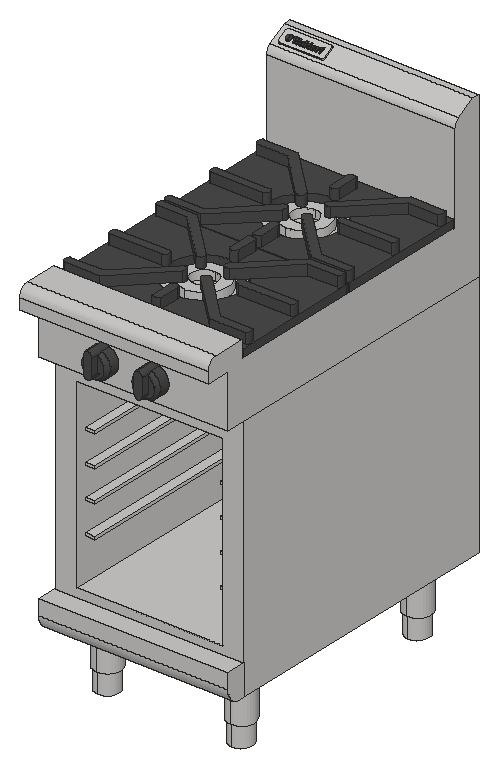
Revit family "QF_MOFFAT WALDORF_RN8450G-CB", category Specialty Equipment, Revit 2012
Parameters
  Weight in Pounds = 189.5973
  URL Cutsheet = "www.moffat.com"
  URL = "www.moffat.com"
  Type Mark [instance] = ""
  Status [instance] = ""
  Specification by User [instance] = ""
  Specification by Manufacturer = ""
  Show Logo [instance] = yes
  Show Casters [instance] = no
  Serial Number = ""
  Seismic Rating = ""
  SMACNA No = ""
  Revision Code [instance] = ""
  Omniclass Number and Title = ""
  NAFEM Spec ID Number = ""
  Model = "RN8450G-CB"
  Mechanical Remarks [instance] = ""
  Mechanical Connection Type [instance] = ""
  Masterspec = ""
  Manufacturer = "MOFFAT WALDORF"
  Legs [instance] = not(Show Casters)  # yes
  Item Number [instance] = ""
  Installed By [instance] = ""
  Identify Quantity as Lot [instance] = yes
  Gas Size = 3/4"
  Gas RI Height [instance] = 0 mm
  Gas KW [instance] = 15.5
  Gas Input [instance] = 53078.0 Btu/h
  Gas Connection Height = 0 mm
  Furnished By [instance] = ""
  Foodservice Equipment Identifier [instance] = yes
  Description = "COOK TOP GAS ON CABINET BASE"
  CSI MasterFormat = ""
  CSI Master Format = ""
Reference planes
  plane 1 "BACK": y = 0
  plane 2: z = 0
  plane 3 "LEFT": x = 0
  plane 4 "RIGHT": x = 450
  plane 5 "FRONT": y = -805
  plane 6 "TOP": z = 1130
  plane 7 "Center Y": x = 225
  plane 8 "Center X": y = -402.5
  plane 9: z = 915
  plane 10: z = 655
Forms (mm)
  Extrusion 1, solid, material "QF_Finishes_Stainless Steel"
    sketch origin (0, 0, 0) x (0, 1, 0) y (0, 0, 1)
      loop
        line (-805, 891) -> (-805, 866) -> (-749, 866) -> (-749, 740) -> (0, 740) -> (0, 1130) -> (-16.5, 1130) -> (-58.709, 1105.631)
        arc (-58.709, 1105.631) -> (-66.975, 1097.365) -> (-70, 1086.074) r 22.582
        line (-70, 1086.074) -> (-70, 875) -> (-705, 875) -> (-705, 915) -> (-781, 915)
        arc (-781, 915) -> (-797.971, 907.971) -> (-805, 891) r 24
      loop
        line (-700, 222.5) -> (-749, 222.5) -> (-749, 188)
        arc (-749, 188) -> (-737.87, 161.13) -> (-711, 150) r 38
        line (-711, 150) -> (-700, 150) -> (-700, 222.5)
      loop
        line (0, 739.206) -> (-100, 739.206) -> (-100, 150) -> (0, 150) -> (0, 739.206)
    from 0 to 450
  Revolve 2, solid, material "QF_Finishes_Black"
    sketch origin (285, 0, 600) x (0, -1, 0) y (0, 0, 1)
      loop
        line (782, 229.605) -> (759, 229.605) -> (759, 202.105) -> (749, 202.105) -> (749, 197.105) -> (793, 197.105) -> (793, 223.757) -> (782, 229.605)
      axis (793, 197.105) -> (749, 197.105)
    angle from 0 to 360
  Extrusion 3, solid, material "QF_Finishes_Black"
    sketch origin (146.569, 0, 496.003) x (1, 0, 0) y (0, 0, 1)
      loop
        line (148.431, 289) -> (148.431, 327.997)
        arc (148.431, 327.997) -> (138.431, 337.997) -> (128.431, 327.997) r 10
        line (128.431, 327.997) -> (128.431, 289)
        arc (128.431, 289) -> (138.431, 279) -> (148.431, 289) r 10
    from 759 to 808
  Extrusion 4, solid, material "QF_Finishes_Stainless Steel"
    sketch origin (0, -699, 685) x (1, 0, 0) y (0, -1, 0)
      loop
        circle (320, -667) r 13.5
    from -54.206 to 30
  Revolve 5, solid, material "QF_Finishes_Black"
    sketch origin (165, 0, 599.873) x (0, 1, 0) y (0, 0, -1)
      loop
        line (-782, -229.5) -> (-759, -229.5) -> (-759, -202) -> (-749, -202) -> (-749, -197) -> (-793, -197) -> (-793, -223.651) -> (-782, -229.5)
      axis (-793, -197) -> (-749, -197)
    angle from 0 to 360
  Extrusion 6, solid, material "QF_Finishes_Black"
    sketch origin (303.27, 0, 600.031) x (-1, 0, 0) y (0, 0, -1)
      loop
        arc (148.269, -184.969) -> (138.269, -174.969) -> (128.269, -184.969) r 10
        line (128.269, -184.969) -> (128.269, -223.969)
        arc (128.269, -223.969) -> (138.269, -233.969) -> (148.269, -223.969) r 10
        line (148.269, -223.969) -> (148.269, -184.969)
    from 759 to 808
  Extrusion 7, solid, material "QF_Finishes_Black"
    sketch origin (0, -70, 875) x (0, -1, 0) y (1, 0, 0)
      loop
        line (316, 4) -> (316, 446)
        arc (316, 446) -> (315.121, 448.121) -> (313, 449) r 3
        line (313, 449) -> (4, 449)
        arc (4, 449) -> (1.879, 448.121) -> (1, 446) r 3
        line (1, 446) -> (1, 4)
        arc (1, 4) -> (1.879, 1.879) -> (4, 1) r 3
        line (4, 1) -> (313, 1)
        arc (313, 1) -> (315.121, 1.879) -> (316, 4) r 3
      loop
        line (321, 1) -> (630, 1)
        arc (630, 1) -> (632.121, 1.879) -> (633, 4) r 3
        line (633, 4) -> (633, 446)
        arc (633, 446) -> (632.121, 448.121) -> (630, 449) r 3
        line (630, 449) -> (321, 449)
        arc (321, 449) -> (318.879, 448.121) -> (318, 446) r 3
        line (318, 446) -> (318, 4)
        arc (318, 4) -> (318.879, 1.879) -> (321, 1) r 3
      loop
        circle (166.5, 225) r 87
      loop
        circle (466.5, 225) r 87
    from 0 to 19.5
  Extrusion 8, solid, material "QF_Finishes_Black"
    sketch origin (0, -70, 894.5) x (0, -1, 0) y (1, 0, 0)
      loop
        line (39.503, 81.861) -> (141.683, 184.041)
        spline (141.683, 184.041) -> (143.272, 186.112) -> (144.271, 188.524) -> (144.612, 191.112) -> (144.271, 193.7) -> (143.272, 196.112) -> (141.683, 198.183) -> (139.612, 199.772) -> (137.2, 200.771) -> (134.612, 201.112) -> (132.024, 200.771) -> (129.612, 199.772) -> (127.541, 198.183)
        line (127.541, 198.183) -> (19.503, 90.145) -> (19.503, 8.933)
        spline (19.503, 8.933) -> (19.844, 7.639) -> (20.843, 6.433) -> (22.432, 5.397) -> (24.503, 4.603) -> (26.915, 4.103) -> (29.503, 3.933) -> (32.091, 4.103) -> (34.503, 4.603) -> (36.574, 5.397) -> (38.163, 6.433) -> (39.162, 7.639) -> (39.503, 8.933)
        line (39.503, 8.933) -> (39.503, 81.861)
      loop
        line (19.503, 359.855) -> (127.541, 251.817)
        spline (127.541, 251.817) -> (129.612, 250.228) -> (132.024, 249.229) -> (134.612, 248.888) -> (137.2, 249.229) -> (139.612, 250.228) -> (141.683, 251.817) -> (143.272, 253.888) -> (144.271, 256.3) -> (144.612, 258.888) -> (144.271, 261.476) -> (143.272, 263.888) -> (141.683, 265.959)
        line (141.683, 265.959) -> (39.503, 368.139) -> (39.503, 441.067)
        spline (39.503, 441.067) -> (39.162, 442.361) -> (38.163, 443.567) -> (36.574, 444.603) -> (34.503, 445.397) -> (32.091, 445.897) -> (29.503, 446.067) -> (26.915, 445.897) -> (24.503, 445.397) -> (22.432, 444.603) -> (20.843, 443.567) -> (19.844, 442.361) -> (19.503, 441.067)
        line (19.503, 441.067) -> (19.503, 359.855)
      loop
        spline (26.398, 235) -> (25.104, 234.659) -> (23.898, 233.66) -> (22.862, 232.071) -> (22.068, 230) -> (21.568, 227.588) -> (21.398, 225) -> (21.568, 222.412) -> (22.068, 220) -> (22.862, 217.929) -> (23.898, 216.34) -> (25.104, 215.341) -> (26.398, 215)
        line (26.398, 215) -> (75.602, 215)
        spline (75.602, 215) -> (78.19, 215.341) -> (80.602, 216.34) -> (82.673, 217.929) -> (84.262, 220) -> (85.261, 222.412) -> (85.602, 225) -> (85.261, 227.588) -> (84.262, 230) -> (82.673, 232.071) -> (80.602, 233.66) -> (78.19, 234.659) -> (75.602, 235)
        line (75.602, 235) -> (26.398, 235)
      loop
        line (158.5, 441.102) -> (158.5, 316.898)
        spline (158.5, 316.898) -> (158.841, 314.31) -> (159.84, 311.898) -> (161.429, 309.827) -> (163.5, 308.238) -> (165.912, 307.239) -> (168.5, 306.898) -> (171.088, 307.239) -> (173.5, 308.238) -> (175.571, 309.827) -> (177.16, 311.898) -> (178.159, 314.31) -> (178.5, 316.898)
        line (178.5, 316.898) -> (178.5, 441.102)
        spline (178.5, 441.102) -> (178.159, 442.396) -> (177.16, 443.602) -> (175.571, 444.638) -> (173.5, 445.432) -> (171.088, 445.932) -> (168.5, 446.102) -> (165.912, 445.932) -> (163.5, 445.432) -> (161.429, 444.638) -> (159.84, 443.602) -> (158.841, 442.396) -> (158.5, 441.102)
      loop
        line (313.497, 355.855) -> (313.497, 441.067)
        spline (313.497, 441.067) -> (313.156, 442.361) -> (312.157, 443.567) -> (310.568, 444.603) -> (308.497, 445.397) -> (306.085, 445.897) -> (303.497, 446.067) -> (300.909, 445.897) -> (298.497, 445.397) -> (296.426, 444.603) -> (294.837, 443.567) -> (293.838, 442.361) -> (293.497, 441.067)
        line (293.497, 441.067) -> (293.497, 364.139) -> (190.439, 261.081)
        spline (190.439, 261.081) -> (188.85, 259.01) -> (187.851, 256.598) -> (187.51, 254.01) -> (187.851, 251.422) -> (188.85, 249.01) -> (190.439, 246.939) -> (192.51, 245.35) -> (194.922, 244.351) -> (197.51, 244.01) -> (200.098, 244.351) -> (202.51, 245.35) -> (204.581, 246.939)
        line (204.581, 246.939) -> (313.497, 355.855)
      loop
        line (293.497, 85.861) -> (293.497, 8.933)
        spline (293.497, 8.933) -> (293.838, 7.639) -> (294.837, 6.433) -> (296.426, 5.397) -> (298.497, 4.603) -> (300.909, 4.103) -> (303.497, 3.933) -> (306.085, 4.103) -> (308.497, 4.603) -> (310.568, 5.397) -> (312.157, 6.433) -> (313.156, 7.639) -> (313.497, 8.933)
        line (313.497, 8.933) -> (313.497, 94.145) -> (204.581, 203.061)
        spline (204.581, 203.061) -> (202.51, 204.65) -> (200.098, 205.649) -> (197.51, 205.99) -> (194.922, 205.649) -> (192.51, 204.65) -> (190.439, 203.061) -> (188.85, 200.99) -> (187.851, 198.578) -> (187.51, 195.99) -> (187.851, 193.402) -> (188.85, 190.99) -> (190.439, 188.919)
        line (190.439, 188.919) -> (293.497, 85.861)
      loop
        line (178.5, 8.898) -> (178.5, 133.102)
        spline (178.5, 133.102) -> (178.159, 135.69) -> (177.16, 138.102) -> (175.571, 140.173) -> (173.5, 141.762) -> (171.088, 142.761) -> (168.5, 143.102) -> (165.912, 142.761) -> (163.5, 141.762) -> (161.429, 140.173) -> (159.84, 138.102) -> (158.841, 135.69) -> (158.5, 133.102)
        line (158.5, 133.102) -> (158.5, 8.898)
        spline (158.5, 8.898) -> (158.841, 7.604) -> (159.84, 6.398) -> (161.429, 5.362) -> (163.5, 4.568) -> (165.912, 4.068) -> (168.5, 3.898) -> (171.088, 4.068) -> (173.5, 4.568) -> (175.571, 5.362) -> (177.16, 6.398) -> (178.159, 7.604) -> (178.5, 8.898)
      loop
        spline (308.602, 215) -> (309.896, 215.341) -> (311.102, 216.34) -> (312.138, 217.929) -> (312.932, 220) -> (313.432, 222.412) -> (313.602, 225) -> (313.432, 227.588) -> (312.932, 230) -> (312.138, 232.071) -> (311.102, 233.66) -> (309.896, 234.659) -> (308.602, 235)
        line (308.602, 235) -> (259.398, 235)
        spline (259.398, 235) -> (256.81, 234.659) -> (254.398, 233.66) -> (252.327, 232.071) -> (250.738, 230) -> (249.739, 227.588) -> (249.398, 225) -> (249.739, 222.412) -> (250.738, 220) -> (252.327, 217.929) -> (254.398, 216.34) -> (256.81, 215.341) -> (259.398, 215)
        line (259.398, 215) -> (308.602, 215)
      loop
        line (339.503, 81.861) -> (441.683, 184.041)
        spline (441.683, 184.041) -> (443.272, 186.112) -> (444.271, 188.524) -> (444.612, 191.112) -> (444.271, 193.7) -> (443.272, 196.112) -> (441.683, 198.183) -> (439.612, 199.772) -> (437.2, 200.771) -> (434.612, 201.112) -> (432.024, 200.771) -> (429.612, 199.772) -> (427.541, 198.183)
        line (427.541, 198.183) -> (319.503, 90.145) -> (319.503, 8.933)
        spline (319.503, 8.933) -> (319.844, 7.639) -> (320.843, 6.433) -> (322.432, 5.397) -> (324.503, 4.603) -> (326.915, 4.103) -> (329.503, 3.933) -> (332.091, 4.103) -> (334.503, 4.603) -> (336.574, 5.397) -> (338.163, 6.433) -> (339.162, 7.639) -> (339.503, 8.933)
        line (339.503, 8.933) -> (339.503, 81.861)
      loop
        line (319.503, 359.855) -> (427.541, 251.817)
        spline (427.541, 251.817) -> (429.612, 250.228) -> (432.024, 249.229) -> (434.612, 248.888) -> (437.2, 249.229) -> (439.612, 250.228) -> (441.683, 251.817) -> (443.272, 253.888) -> (444.271, 256.3) -> (444.612, 258.888) -> (444.271, 261.476) -> (443.272, 263.888) -> (441.683, 265.959)
        line (441.683, 265.959) -> (339.503, 368.139) -> (339.503, 441.067)
        spline (339.503, 441.067) -> (339.162, 442.361) -> (338.163, 443.567) -> (336.574, 444.603) -> (334.503, 445.397) -> (332.091, 445.897) -> (329.503, 446.067) -> (326.915, 445.897) -> (324.503, 445.397) -> (322.432, 444.603) -> (320.843, 443.567) -> (319.844, 442.361) -> (319.503, 441.067)
        line (319.503, 441.067) -> (319.503, 359.855)
      loop
        spline (326.398, 235) -> (325.104, 234.659) -> (323.898, 233.66) -> (322.862, 232.071) -> (322.068, 230) -> (321.568, 227.588) -> (321.398, 225) -> (321.568, 222.412) -> (322.068, 220) -> (322.862, 217.929) -> (323.898, 216.34) -> (325.104, 215.341) -> (326.398, 215)
        line (326.398, 215) -> (375.602, 215)
        spline (375.602, 215) -> (378.19, 215.341) -> (380.602, 216.34) -> (382.673, 217.929) -> (384.262, 220) -> (385.261, 222.412) -> (385.602, 225) -> (385.261, 227.588) -> (384.262, 230) -> (382.673, 232.071) -> (380.602, 233.66) -> (378.19, 234.659) -> (375.602, 235)
        line (375.602, 235) -> (326.398, 235)
      loop
        line (458.5, 441.102) -> (458.5, 316.898)
        spline (458.5, 316.898) -> (458.841, 314.31) -> (459.84, 311.898) -> (461.429, 309.827) -> (463.5, 308.238) -> (465.912, 307.239) -> (468.5, 306.898) -> (471.088, 307.239) -> (473.5, 308.238) -> (475.571, 309.827) -> (477.16, 311.898) -> (478.159, 314.31) -> (478.5, 316.898)
        line (478.5, 316.898) -> (478.5, 441.102)
        spline (478.5, 441.102) -> (478.159, 442.396) -> (477.16, 443.602) -> (475.571, 444.638) -> (473.5, 445.432) -> (471.088, 445.932) -> (468.5, 446.102) -> (465.912, 445.932) -> (463.5, 445.432) -> (461.429, 444.638) -> (459.84, 443.602) -> (458.841, 442.396) -> (458.5, 441.102)
      loop
        line (613.497, 355.855) -> (613.497, 441.067)
        spline (613.497, 441.067) -> (613.156, 442.361) -> (612.157, 443.567) -> (610.568, 444.603) -> (608.497, 445.397) -> (606.085, 445.897) -> (603.497, 446.067) -> (600.909, 445.897) -> (598.497, 445.397) -> (596.426, 444.603) -> (594.837, 443.567) -> (593.838, 442.361) -> (593.497, 441.067)
        line (593.497, 441.067) -> (593.497, 364.139) -> (490.439, 261.081)
        spline (490.439, 261.081) -> (488.85, 259.01) -> (487.851, 256.598) -> (487.51, 254.01) -> (487.851, 251.422) -> (488.85, 249.01) -> (490.439, 246.939) -> (492.51, 245.35) -> (494.922, 244.351) -> (497.51, 244.01) -> (500.098, 244.351) -> (502.51, 245.35) -> (504.581, 246.939)
        line (504.581, 246.939) -> (613.497, 355.855)
      loop
        line (593.497, 85.861) -> (593.497, 8.933)
        spline (593.497, 8.933) -> (593.838, 7.639) -> (594.837, 6.433) -> (596.426, 5.397) -> (598.497, 4.603) -> (600.909, 4.103) -> (603.497, 3.933) -> (606.085, 4.103) -> (608.497, 4.603) -> (610.568, 5.397) -> (612.157, 6.433) -> (613.156, 7.639) -> (613.497, 8.933)
        line (613.497, 8.933) -> (613.497, 94.145) -> (504.581, 203.061)
        spline (504.581, 203.061) -> (502.51, 204.65) -> (500.098, 205.649) -> (497.51, 205.99) -> (494.922, 205.649) -> (492.51, 204.65) -> (490.439, 203.061) -> (488.85, 200.99) -> (487.851, 198.578) -> (487.51, 195.99) -> (487.851, 193.402) -> (488.85, 190.99) -> (490.439, 188.919)
        line (490.439, 188.919) -> (593.497, 85.861)
      loop
        line (478.5, 8.898) -> (478.5, 133.102)
        spline (478.5, 133.102) -> (478.159, 135.69) -> (477.16, 138.102) -> (475.571, 140.173) -> (473.5, 141.762) -> (471.088, 142.761) -> (468.5, 143.102) -> (465.912, 142.761) -> (463.5, 141.762) -> (461.429, 140.173) -> (459.84, 138.102) -> (458.841, 135.69) -> (458.5, 133.102)
        line (458.5, 133.102) -> (458.5, 8.898)
        spline (458.5, 8.898) -> (458.841, 7.604) -> (459.84, 6.398) -> (461.429, 5.362) -> (463.5, 4.568) -> (465.912, 4.068) -> (468.5, 3.898) -> (471.088, 4.068) -> (473.5, 4.568) -> (475.571, 5.362) -> (477.16, 6.398) -> (478.159, 7.604) -> (478.5, 8.898)
      loop
        spline (608.602, 215) -> (609.896, 215.341) -> (611.102, 216.34) -> (612.138, 217.929) -> (612.932, 220) -> (613.432, 222.412) -> (613.602, 225) -> (613.432, 227.588) -> (612.932, 230) -> (612.138, 232.071) -> (611.102, 233.66) -> (609.896, 234.659) -> (608.602, 235)
        line (608.602, 235) -> (559.398, 235)
        spline (559.398, 235) -> (556.81, 234.659) -> (554.398, 233.66) -> (552.327, 232.071) -> (550.738, 230) -> (549.739, 227.588) -> (549.398, 225) -> (549.739, 222.412) -> (550.738, 220) -> (552.327, 217.929) -> (554.398, 216.34) -> (556.81, 215.341) -> (559.398, 215)
        line (559.398, 215) -> (608.602, 215)
    from 0 to 23.5
  Revolve 9, solid, material "QF_Finishes_Stainless Steel", visible <- "Legs"
    sketch origin (65, -165, 0) x (0, 1, 0) y (0, 0, 1)
      loop
        line (33.25, 150) -> (33.25, 50) -> (37.5, 50) -> (37.5, 0) -> (65, 0) -> (65, 150) -> (33.25, 150)
      axis (65, 150) -> (65, 0)
    angle from 0 to 360
  Revolve 10, solid, material "QF_Finishes_Stainless Steel"
    sketch origin (65, -735, 0) x (0, 1, 0) y (0, 0, 1)
      loop
        line (78.25, 150) -> (78.25, 50) -> (82.5, 50) -> (82.5, 0) -> (110, 0) -> (110, 150) -> (78.25, 150)
      axis (110, 150) -> (110, 0)
    angle from 0 to 360
  Revolve 11, solid, material "QF_Finishes_Stainless Steel", visible <- "Legs"
    sketch origin (384, -165, 0) x (0, 1, 0) y (0, 0, -1)
      loop
        line (33.25, -150) -> (65, -150) -> (65, 0) -> (37.5, 0) -> (37.5, -50) -> (33.25, -50) -> (33.25, -150)
      axis (65, -150) -> (65, 0)
    angle from 0 to 360
  Revolve 12, solid, material "QF_Finishes_Stainless Steel"
    sketch origin (384, -735, 0) x (0, 1, 0) y (0, 0, -1)
      loop
        line (78.25, -150) -> (110, -150) -> (110, 0) -> (82.5, 0) -> (82.5, -50) -> (78.25, -50) -> (78.25, -150)
      axis (110, -150) -> (110, 0)
    angle from 0 to 360
  Extrusion 13, solid, material "QF_Finishes_Stainless Steel"
    sketch origin (0, 0, 0) x (1, 0, 0) y (0, 0, 1)
      loop
        line (0, 150) -> (450, 150) -> (450, 739.206) -> (0, 739.206) -> (0, 150)
      loop
        line (50, 685) -> (50, 242.5) -> (400, 242.5) -> (400, 685) -> (50, 685)
    from 100 to 699
  Extrusion 14, solid, material "QF_Finishes_Stainless Steel"
    sketch origin (0, -70, 720) x (0, 0, -1) y (1, 0, 0)
      loop
        line (226.25, 400) -> (219.9, 400) -> (219.9, 375) -> (226.25, 375) -> (226.25, 400)
      loop
        line (301.25, 400) -> (294.9, 400) -> (294.9, 375) -> (301.25, 375) -> (301.25, 400)
      loop
        line (301.25, 50) -> (301.25, 75) -> (294.9, 75) -> (294.9, 50) -> (301.25, 50)
      loop
        line (219.9, 75) -> (219.9, 50) -> (226.25, 50) -> (226.25, 75) -> (219.9, 75)
      loop
        line (376.25, 400) -> (369.9, 400) -> (369.9, 375) -> (376.25, 375) -> (376.25, 400)
      loop
        line (376.25, 50) -> (376.25, 75) -> (369.9, 75) -> (369.9, 50) -> (376.25, 50)
      loop
        line (151.25, 400) -> (144.9, 400) -> (144.9, 375) -> (151.25, 375) -> (151.25, 400)
      loop
        line (144.9, 75) -> (144.9, 50) -> (151.25, 50) -> (151.25, 75) -> (144.9, 75)
    from 30 to 604
  Extrusion 15, void
    sketch origin (0, 0, 0) x (1, 0, 0) y (0, 1, 0)
      loop
        line (380.747, -87.26) -> (380.747, 30.24) -> (251.247, 30.24) -> (251.247, -38.76) -> (299.747, -87.26) -> (380.747, -87.26)
    from 242.5 to 740
  Extrusion 16, solid, material "QF_Finishes_Stainless Steel"
    sketch origin (0, -70, 875) x (0, -1, 0) y (1, 0, 0)
      loop
        circle (166.5, 225) r 57
      loop
        circle (466.5, 225) r 57
      loop
        circle (166.5, 225) r 30
      loop
        circle (466.5, 225) r 30
    from 0 to 20
Cuts and joins
  joined: Revolve 2, Extrusion 3
  Extrusion 15 cuts Extrusion 1
  joined: Extrusion 1, Extrusion 13
Lines and regions (mm)
  symbolic lines
    curve 1: line (0, 0, 0) -> (0, -805, 0)
    curve 2: line (450, 0, 0) -> (0, 0, 0)
    curve 3: line (450, -805, 0) -> (450, 0, 0)
    curve 4: line (0, -70, 0) -> (450, -70, 0)
    curve 5: line (0, -805, 0) -> (450, -805, 0)
    curve 10: line (0, -385, 0) -> (450, -385, 0)
    curve 11: line (8.898, -98.128, 0) -> (85.628, -98.128, 0)
    curve 12: line (85.628, -98.128, 0) -> (193.551, -206.051, 0)
    curve 13: line (225, -96.398, 0) -> (225, -145.602, 0)
    curve 14: line (441.102, -98.128, 0) -> (364.372, -98.128, 0)
    curve 15: line (364.372, -98.128, 0) -> (256.449, -206.051, 0)
    curve 16: line (441.102, -237.5, 0) -> (316.898, -237.5, 0)
    curve 17: line (441.102, -376.872, 0) -> (364.372, -376.872, 0)
    curve 18: line (364.372, -376.872, 0) -> (256.449, -268.949, 0)
    curve 19: line (8.898, -376.872, 0) -> (85.628, -376.872, 0)
    curve 20: line (85.628, -376.872, 0) -> (193.551, -268.949, 0)
    curve 21: line (8.898, -237.5, 0) -> (133.102, -237.5, 0)
    curve 22: line (225, -378.602, 0) -> (225, -329.398, 0)
    curve 23: line (441.102, -397.128, 0) -> (364.372, -397.128, 0)
    curve 24: line (364.372, -397.128, 0) -> (256.449, -505.051, 0)
    curve 25: line (225, -395.398, 0) -> (225, -444.602, 0)
    curve 26: line (8.898, -397.128, 0) -> (85.628, -397.128, 0)
    curve 27: line (85.628, -397.128, 0) -> (193.551, -505.051, 0)
    curve 28: line (8.898, -536.5, 0) -> (133.102, -536.5, 0)
    curve 29: line (441.102, -536.5, 0) -> (316.898, -536.5, 0)
    curve 30: line (364.372, -675.872, 0) -> (256.449, -567.949, 0)
    curve 31: line (441.102, -675.872, 0) -> (364.372, -675.872, 0)
    curve 32: line (225, -677.602, 0) -> (225, -628.398, 0)
    curve 33: line (85.628, -675.872, 0) -> (193.551, -567.949, 0)
    curve 34: line (8.898, -675.872, 0) -> (85.628, -675.872, 0)
    curve 35: arc (225, -293.5, 0) -> (168, -236.5, 0) -> (225, -179.5, 0) r 57
    curve 36: arc (225, -179.5, 0) -> (282, -236.5, 0) -> (225, -293.5, 0) r 57
    curve 37: arc (225, -593.5, 0) -> (168, -536.5, 0) -> (225, -479.5, 0) r 57
    curve 38: arc (225, -479.5, 0) -> (282, -536.5, 0) -> (225, -593.5, 0) r 57
    curve 39: line (450, -705, 0) -> (0, -705, 0)
    curve 40: arc (225, -323.5, 0) -> (138, -236.5, 0) -> (225, -149.5, 0) r 87
    curve 41: arc (225, -149.5, 0) -> (312, -236.5, 0) -> (225, -323.5, 0) r 87
    curve 42: arc (225, -623.5, 0) -> (138, -536.5, 0) -> (225, -449.5, 0) r 87
    curve 43: arc (225, -449.5, 0) -> (312, -536.5, 0) -> (225, -623.5, 0) r 87
    curve 44: arc (225, -206.5, 0) -> (255, -236.5, 0) -> (225, -266.5, 0) r 30
    curve 45: arc (225, -266.5, 0) -> (195, -236.5, 0) -> (225, -206.5, 0) r 30
    curve 46: arc (225, -506.5, 0) -> (255, -536.5, 0) -> (225, -566.5, 0) r 30
    curve 47: arc (225, -566.5, 0) -> (195, -536.5, 0) -> (225, -506.5, 0) r 30
  symbolic lines, visible <- "Show Logo"
    curve 6: line (12.5, -51.234, 0) -> (12.5, -20.958, 0)
    curve 7: line (12.5, -20.958, 0) -> (121.5, -20.958, 0)
    curve 8: line (12.5, -51.234, 0) -> (121.5, -51.234, 0)
    curve 9: line (121.5, -20.958, 0) -> (121.5, -51.234, 0)
Dimensions and locks
  equal spacing: plane 3 "LEFT", plane 7 "Center Y", plane 4 "RIGHT"
  plane 3 "LEFT" to plane 4 "RIGHT" = 450 mm
  equal spacing: plane 5 "FRONT", plane 8 "Center X", plane 1 "BACK"
  plane 5 "FRONT" to plane 1 "BACK" = 805 mm  (x2)
  equal spacing: plane 4 "RIGHT", plane 7 "Center Y", plane 3 "LEFT"
  plane 4 "RIGHT" to plane 3 "LEFT" = 450 mm
  plane 6 "TOP" to level = 1130 mm  (x2)
  Extrusion 4 to plane 1 "BACK" = 32 mm
  plane 9 to level = 915 mm
  plane 10 to level = 655 mm
  aligned and locked: level to plane 2
  aligned and locked: curve 3 to plane 4 "RIGHT"
Automatic sketch dimensions
  Revolve 2 sketch curve to plane 5 "FRONT" = 56 mm
  Revolve 2 sketch curve to Revolve 2 sketch curve = 10 mm
  Revolve 2 sketch curve to Revolve 2 sketch curve = 21.3 mm
  Revolve 2 sketch curve to plane 5 "FRONT" = 23 mm
  Revolve 2 sketch curve to plane 5 "FRONT" = 12 mm
  Revolve 2 sketch curve to Revolve 2 sketch curve = 0 mm  (x2)
  level to Revolve 2 sketch curve = 797.105 mm
  Revolve 2 sketch curve to Revolve 2 sketch curve = 5 mm
  Revolve 2 sketch curve to Revolve 2 sketch curve = 26.651 mm
  Revolve 2 sketch curve to Revolve 2 sketch curve = 5.849 mm
  Extrusion 3 sketch curve to Extrusion 3 sketch curve = 10 mm
  level to Extrusion 3 sketch curve = 785.003 mm
  Extrusion 3 sketch curve to Extrusion 3 sketch curve = 38.997 mm
  Revolve 5 sketch curve to plane 5 "FRONT" = 12 mm
  Revolve 5 sketch curve to Revolve 5 sketch curve = 0 mm  (x2)
  Revolve 5 sketch curve to Revolve 5 sketch curve = 11 mm
  Revolve 5 sketch curve to Revolve 5 sketch curve = 12.7 mm
  Revolve 5 sketch curve to Revolve 5 sketch curve = 23 mm
  Revolve 5 sketch curve to Revolve 5 sketch curve = 10 mm
  level to Revolve 5 sketch curve = 829.373 mm
  Revolve 5 sketch curve to Revolve 5 sketch curve = 5.849 mm
  Revolve 5 sketch curve to Revolve 5 sketch curve = 27.5 mm
  Revolve 5 sketch curve to Revolve 5 sketch curve = 5 mm
  Extrusion 6 sketch curve to Extrusion 6 sketch curve = 10 mm
  level to Extrusion 6 sketch curve = 824 mm
  Extrusion 6 sketch curve to Extrusion 6 sketch curve = 39 mm
  Extrusion 1 to Extrusion 7 sketch curve = 1 mm  (x5)
  Extrusion 1 to Extrusion 7 sketch curve = 4 mm  (x3)
  Extrusion 1 to Extrusion 7 sketch curve = 166.5 mm
  Extrusion 7 sketch curve to Extrusion 7 sketch curve = 146.5 mm  (x2)
  Extrusion 7 sketch curve to Extrusion 7 sketch curve = 2 mm
  Extrusion 7 sketch curve to Extrusion 7 sketch curve = 3 mm  (x2)
  Extrusion 7 sketch curve to Extrusion 1 = 168.5 mm
  Extrusion 7 sketch curve to Extrusion 1 = 5 mm  (x2)
  Extrusion 7 sketch curve to Extrusion 1 = 2 mm
  Extrusion 1 to Extrusion 7 sketch curve = 225 mm  (x2)
  Extrusion 8 sketch curve to Extrusion 7 = 18.503 mm  (x2)
  Extrusion 8 sketch curve to Extrusion 7 = 25.398 mm
  Extrusion 8 sketch curve to Extrusion 8 sketch curve = 10 mm  (x16)
  Extrusion 8 sketch curve to Extrusion 8 sketch curve = 49.204 mm  (x2)
  Extrusion 8 sketch curve to Extrusion 8 sketch curve = 51.939 mm  (x2)
  Extrusion 8 sketch curve to Extrusion 8 sketch curve = 0 mm  (x3)
  Extrusion 8 sketch curve to Extrusion 8 sketch curve = 7.071 mm  (x8)
  Extrusion 8 sketch curve to Extrusion 7 = 7.898 mm  (x4)
  Extrusion 8 sketch curve to Extrusion 8 sketch curve = 118.997 mm  (x2)
  Extrusion 8 sketch curve to Extrusion 8 sketch curve = 16.817 mm  (x4)
  Extrusion 8 sketch curve to Extrusion 8 sketch curve = 48.756 mm  (x4)
  Extrusion 8 sketch curve to Extrusion 8 sketch curve = 54.817 mm  (x2)
  Extrusion 8 sketch curve to Extrusion 7 = 22.503 mm  (x2)
  Extrusion 8 sketch curve to Extrusion 7 = 7.398 mm
  Extrusion 8 sketch curve to Extrusion 7 = 1.503 mm  (x2)
  Extrusion 8 sketch curve to Extrusion 7 = 8.398 mm
  Extrusion 8 sketch curve to Extrusion 7 = 7.933 mm  (x7)
  Extrusion 8 sketch curve to Extrusion 7 = 39.503 mm  (x2)
  Extrusion 8 sketch curve to Extrusion 7 = 24.398 mm
  Extrusion 8 sketch curve to Extrusion 8 sketch curve = 72.928 mm  (x2)
  Extrusion 8 sketch curve to Extrusion 8 sketch curve = 4 mm  (x3)
  Extrusion 8 sketch curve to Extrusion 8 sketch curve = 76.928 mm
  Extrusion 8 sketch curve to Extrusion 8 sketch curve = 8.284 mm  (x7)
  Extrusion 8 sketch curve to Extrusion 8 sketch curve = 124.204 mm  (x2)
  Extrusion 8 sketch curve to Extrusion 8 sketch curve = 50.939 mm  (x3)
  Extrusion 8 sketch curve to Extrusion 8 sketch curve = 4.878 mm  (x2)
  Extrusion 8 sketch curve to Extrusion 8 sketch curve = 11.939 mm  (x2)
  Extrusion 8 sketch curve to Extrusion 8 sketch curve = 43.878 mm  (x2)
  Extrusion 8 sketch curve to Extrusion 8 sketch curve = 53.634 mm  (x2)
  Extrusion 8 sketch curve to Extrusion 8 sketch curve = 55.817 mm
  Extrusion 8 sketch curve to Extrusion 7 = 93.145 mm
  Extrusion 8 sketch curve to Extrusion 8 sketch curve = 85.212 mm
  Extrusion 8 sketch curve to Extrusion 7 = 89.145 mm
  plane 7 "Center Y" to Extrusion 3 sketch curve = 50 mm
  Extrusion 6 sketch curve to plane 7 "Center Y" = 49.999 mm
  plane 1 "BACK" to Revolve 9 sketch curve = 131.75 mm
  Revolve 9 sketch curve to Revolve 9 sketch curve = 4.25 mm
  Revolve 9 sketch curve to Revolve 9 sketch curve = 27.5 mm  (x2)
  Revolve 9 sketch curve to level = 55 mm
  Revolve 9 sketch curve to Revolve 9 sketch curve = 55 mm
  Revolve 9 sketch curve to Revolve 9 sketch curve = 50 mm
  Revolve 9 sketch curve to Revolve 9 sketch curve = 0 mm
  level to Revolve 9 sketch curve = 150 mm
  Revolve 10 sketch curve to plane 5 "FRONT" = 148.25 mm
  Revolve 10 sketch curve to Revolve 10 sketch curve = 4.25 mm
  Revolve 10 sketch curve to Revolve 10 sketch curve = 27.5 mm  (x2)
  Revolve 10 sketch curve to level = 55 mm
  Revolve 10 sketch curve to Revolve 10 sketch curve = 55 mm
  Revolve 10 sketch curve to Revolve 10 sketch curve = 50 mm
  Revolve 10 sketch curve to Revolve 10 sketch curve = 0 mm
  level to Revolve 10 sketch curve = 150 mm
  plane 1 "BACK" to Revolve 11 sketch curve = 131.75 mm
  Revolve 11 sketch curve to Revolve 11 sketch curve = 4.25 mm
  Revolve 11 sketch curve to Revolve 11 sketch curve = 27.5 mm  (x2)
  level to Revolve 11 sketch curve = 150 mm
  Revolve 11 sketch curve to Revolve 11 sketch curve = 100 mm
  Revolve 11 sketch curve to Revolve 11 sketch curve = 0 mm
  Revolve 11 sketch curve to Revolve 11 sketch curve = 50 mm
  Revolve 11 sketch curve to Revolve 11 sketch curve = 55 mm
  Revolve 12 sketch curve to plane 5 "FRONT" = 148.25 mm
  Revolve 12 sketch curve to Revolve 12 sketch curve = 4.25 mm
  Revolve 12 sketch curve to Revolve 12 sketch curve = 27.5 mm  (x2)
  level to Revolve 12 sketch curve = 150 mm
  Revolve 12 sketch curve to Revolve 12 sketch curve = 100 mm
  Revolve 12 sketch curve to Revolve 12 sketch curve = 0 mm
  Revolve 12 sketch curve to Revolve 12 sketch curve = 50 mm
  Revolve 12 sketch curve to Revolve 12 sketch curve = 55 mm
  plane 1 "BACK" to Extrusion 4 sketch curve = 32 mm
  plane 7 "Center Y" to Extrusion 4 sketch curve = 95 mm
  level to Extrusion 13 sketch curve = 150 mm
  Extrusion 13 sketch curve to plane 6 "TOP" = 390.794 mm
  Extrusion 13 sketch curve to plane 3 "LEFT" = 0 mm
  plane 3 "LEFT" to Extrusion 13 sketch curve = 50 mm
  plane 4 "RIGHT" to Extrusion 13 sketch curve = 50 mm
  Extrusion 13 sketch curve to Extrusion 13 sketch curve = 92.5 mm
  plane 4 "RIGHT" to Extrusion 13 sketch curve = 0 mm
  Extrusion 13 sketch curve to Extrusion 13 sketch curve = 442.5 mm
  Extrusion 14 sketch curve to Extrusion 14 sketch curve = 6.35 mm  (x8)
  Extrusion 14 sketch curve to Extrusion 14 sketch curve = 68.65 mm  (x6)
  Extrusion 14 sketch curve to Extrusion 14 sketch curve = 25 mm  (x8)
  Extrusion 14 sketch curve to Extrusion 14 sketch curve = 0 mm  (x3)
  plane 3 "LEFT" to Extrusion 14 sketch curve = 50 mm  (x4)
  Extrusion 14 sketch curve to plane 6 "TOP" = 554.9 mm
  plane 4 "RIGHT" to Extrusion 14 sketch curve = 50 mm
  plane 4 "RIGHT" to Extrusion 14 sketch curve = 75 mm
  plane 7 "Center Y" to Extrusion 15 sketch curve = 26.247 mm
  Extrusion 15 sketch curve to Extrusion 15 sketch curve = 48.5 mm
  plane 4 "RIGHT" to Extrusion 15 sketch curve = 69.253 mm
  plane 1 "BACK" to Extrusion 15 sketch curve = 87.26 mm
  plane 1 "BACK" to Extrusion 15 sketch curve = 38.76 mm
  Extrusion 15 sketch curve to plane 1 "BACK" = 30.24 mm
  Extrusion 1 sketch curve to plane 5 "FRONT" = 0 mm
  Extrusion 1 sketch curve to plane 9 = 0 mm
  Extrusion 1 sketch curve to plane 6 "TOP" = 0 mm
  Extrusion 1 sketch curve to plane 1 "BACK" = 0 mm  (x2)
  Extrusion 1 sketch curve to plane 5 "FRONT" = 24 mm
  Extrusion 1 sketch curve to plane 5 "FRONT" = 56 mm  (x2)
  Extrusion 1 sketch curve to Extrusion 1 sketch curve = 38 mm
  Extrusion 1 sketch curve to Extrusion 1 sketch curve = 44 mm
  Extrusion 1 sketch curve to Extrusion 1 sketch curve = 11 mm
  plane 1 "BACK" to Extrusion 1 sketch curve = 70 mm
  Extrusion 1 sketch curve to plane 6 "TOP" = 24.369 mm
  Extrusion 1 sketch curve to Extrusion 1 sketch curve = 11.291 mm  (x2)
  plane 1 "BACK" to Extrusion 1 sketch curve = 16.5 mm
  Extrusion 1 sketch curve to plane 9 = 40 mm
  Extrusion 1 sketch curve to Extrusion 1 sketch curve = 25 mm
  plane 10 to Extrusion 1 sketch curve = 85 mm
  Extrusion 1 sketch curve to Extrusion 1 sketch curve = 0.794 mm
  Extrusion 1 sketch curve to Extrusion 1 sketch curve = 34.5 mm
  plane 1 "BACK" to Extrusion 1 sketch curve = 100 mm
  level to Extrusion 1 sketch curve = 150 mm  (x2)
  curve 35 to curve 40 = 0 mm  (x2)
  curve 37 to curve 42 = 0 mm  (x2)
  plane 1 "BACK" to curve 1 = 0 mm
  curve 1 to plane 3 "LEFT" = 0 mm
  curve 37 to plane 7 "Center Y" = 0 mm
  curve 40 to plane 7 "Center Y" = 0 mm
  curve 22 to plane 7 "Center Y" = 0 mm
  curve 25 to plane 7 "Center Y" = 0 mm
  curve 13 to plane 7 "Center Y" = 0 mm
  curve 32 to plane 7 "Center Y" = 0 mm
  plane 5 "FRONT" to curve 1 = 0 mm
  plane 3 "LEFT" to curve 26 = 8.898 mm
  plane 3 "LEFT" to curve 34 = 8.898 mm
  plane 3 "LEFT" to curve 28 = 8.898 mm
  plane 3 "LEFT" to curve 11 = 8.898 mm
  plane 3 "LEFT" to curve 19 = 8.898 mm
  plane 3 "LEFT" to curve 21 = 8.898 mm
  plane 3 "LEFT" to curve 8 = 12.5 mm
  plane 8 "Center X" to curve 20 = 25.628 mm
  curve 19 to curve 20 = 76.73 mm
  curve 34 to curve 33 = 76.73 mm
  plane 8 "Center X" to curve 27 = 5.372 mm
  curve 27 to curve 19 = 0 mm
  curve 11 to curve 11 = 76.73 mm
  plane 1 "BACK" to curve 9 = 20.958 mm
  curve 11 to curve 9 = 35.872 mm
  curve 28 to plane 7 "Center Y" = 91.898 mm
  curve 21 to plane 7 "Center Y" = 91.898 mm
  curve 27 to plane 7 "Center Y" = 31.449 mm
  curve 12 to plane 7 "Center Y" = 31.449 mm
  curve 20 to plane 7 "Center Y" = 31.449 mm
  curve 33 to plane 7 "Center Y" = 31.449 mm
  plane 7 "Center Y" to curve 18 = 31.449 mm
  plane 7 "Center Y" to curve 30 = 31.449 mm
  plane 7 "Center Y" to curve 15 = 31.449 mm
  plane 7 "Center Y" to curve 24 = 31.449 mm
  curve 30 to curve 29 = 60.449 mm
  curve 15 to curve 16 = 60.449 mm
  plane 8 "Center X" to curve 23 = 5.372 mm
  plane 4 "RIGHT" to curve 23 = 85.628 mm
  plane 4 "RIGHT" to curve 30 = 85.628 mm
  plane 4 "RIGHT" to curve 14 = 85.628 mm
  plane 8 "Center X" to curve 18 = 25.628 mm
  curve 18 to curve 23 = 0 mm
  plane 4 "RIGHT" to curve 16 = 8.898 mm
  plane 4 "RIGHT" to curve 23 = 8.898 mm
  plane 4 "RIGHT" to curve 29 = 8.898 mm
  plane 4 "RIGHT" to curve 31 = 8.898 mm
  plane 4 "RIGHT" to curve 14 = 8.898 mm
  plane 4 "RIGHT" to curve 17 = 8.898 mm
  curve 39 to plane 5 "FRONT" = 100 mm
  curve 32 to plane 5 "FRONT" = 127.398 mm
  curve 39 to curve 30 = 29.128 mm
  curve 39 to curve 34 = 29.128 mm
  curve 32 to curve 32 = 49.204 mm
  curve 32 to curve 42 = 4.898 mm
  curve 43 to curve 38 = 30 mm
  curve 38 to curve 30 = 25.551 mm
  curve 37 to curve 33 = 25.551 mm
  curve 33 to curve 42 = 31.449 mm
  curve 30 to curve 29 = 31.449 mm
  curve 33 to curve 28 = 31.449 mm
  curve 27 to curve 37 = 25.551 mm
  curve 24 to curve 43 = 55.551 mm
  curve 42 to curve 25 = 4.898 mm
  plane 8 "Center X" to curve 25 = 7.102 mm
  curve 10 to curve 17 = 8.128 mm
  curve 25 to curve 22 = 16.796 mm
  curve 22 to curve 22 = 49.204 mm
  curve 22 to curve 41 = 5.898 mm
  curve 40 to curve 35 = 30 mm
  curve 36 to curve 18 = 24.551 mm
  curve 35 to curve 20 = 24.551 mm
  curve 19 to curve 21 = 139.372 mm
  curve 18 to curve 16 = 31.449 mm
  curve 18 to curve 41 = 32.449 mm
  curve 12 to curve 35 = 26.551 mm
  curve 15 to curve 36 = 26.551 mm
  curve 40 to curve 13 = 3.898 mm
  curve 11 to curve 7 = 77.17 mm
  plane 1 "BACK" to curve 15 = 98.128 mm
  curve 13 to curve 13 = 49.204 mm
  curve 11 to curve 4 = 28.128 mm
  curve 9 to curve 7 = 30.277 mm
  Extrusion 1 to Extrusion 16 sketch curve = 109.5 mm
  Extrusion 16 sketch curve to Extrusion 16 sketch curve = 57 mm  (x2)
  Extrusion 1 to Extrusion 16 sketch curve = 225 mm  (x2)
  Extrusion 16 sketch curve to Extrusion 16 sketch curve = 186 mm
  Extrusion 16 sketch curve to Extrusion 16 sketch curve = 27 mm  (x2)
  Extrusion 16 sketch curve to Extrusion 16 sketch curve = 0 mm  (x4)
  curve 35 to curve 44 = 0 mm  (x2)
  curve 35 to curve 45 = 27 mm
  curve 37 to curve 46 = 0 mm  (x2)
  curve 37 to curve 46 = 27 mm
  radius of Extrusion 7 sketch curve = 87 mm  (x2)
  radius of Extrusion 4 sketch curve = 13.5 mm
Nested families
  nested 1: "WALDORF LOGO" at (12.5, -36.099, 1101.545), visible <- "Show Logo", type "WALDORF LOGO", detail levels medium+fine
    with Type Mark "", Status "", Specification by User "", Show Logo yes, Revision Code "", Item Number "", Installed By "", Identify Quantity as Lot yes, Furnished By "", Foodservice Equipment Identifier yes
  nested 2: "RN8450G-CB-CASTERS" at (65, -100, 0), Show Casters <- "Show Casters", visible <- "Show Casters", type "RN8450G-CB-CASTERS"
    with Type Mark "", Status "", Specification by User "", Show Casters no, Revision Code "", Item Number "", Installed By "", Identify Quantity as Lot yes, Furnished By "", Foodservice Equipment Identifier yes
  nested 3: "RN8450G-CB-CASTERS" at (384, -100, 0), Show Casters <- "Show Casters", visible <- "Show Casters", type "RN8450G-CB-CASTERS"
    with Type Mark "", Status "", Specification by User "", Show Casters no, Revision Code "", Item Number "", Installed By "", Identify Quantity as Lot yes, Furnished By "", Foodservice Equipment Identifier yes
Connectors
  piping at (320, -32, 739.206)
    settings: on Extrusion 4, index 1, connector radius 0.37402", flow factor 0, pipe flow 0 GPM, pressure drop 0.00 psi, fitting loss kfactor 0, connector angle 0.00°, fixture units 0, engagement length 0 mm, flow configuration 1, flow direction 1, fitting loss method 0, system type 7, joint type 0, gender type 0, connector reference index -1, connector utility 0, adjustable connector no, is connector primary yes, fitting loss table "", connector description "GAS CONNECTION"
Definition of nested family "WALDORF LOGO"
  Parameters (values of type "BT8300-CB-LOGO")
    Weight in Pounds = 0
    URL Cutsheet = ""
    Type Mark [instance] = ""
    Status [instance] = ""
    Specification by User [instance] = ""
    Specification by Manufacturer = ""
    Show Logo [instance] = yes
    Serial Number = ""
    Seismic Rating = ""
    SMACNA No = ""
    Revision Code [instance] = ""
    Omniclass Number and Title = ""
    NAFEM Spec ID Number = ""
    Masterspec = ""
    Item Number [instance] = ""
    Installed By [instance] = ""
    Identify Quantity as Lot [instance] = yes
    Furnished By [instance] = ""
    Foodservice Equipment Identifier [instance] = yes
    CSI MasterFormat = ""
    CSI Master Format = ""
  Reference planes
    plane 1 "BACK": y = 0
    plane 2: z = 0
    plane 3 "LEFT": x = 0
    plane 4 "RIGHT": x = 109
    plane 5 "FRONT": y = -1.588
    plane 6 "TOP": z = 34.14
    plane 7 "Center Y": x = 54.5
    plane 8 "Center X": y = -0.794
  Forms (mm)
    Extrusion 1, solid, material "QF_Finishes_Stainless Steel", visible <- "Show Logo"
      sketch origin (0, -15.16, 7.701) x (1, 0, 0) y (0, 0.863373, 0.504566)
        loop
          arc (5, 34.14) -> (1.464, 32.676) -> (0, 29.14) r 5
          line (0, 29.14) -> (0, 5)
          arc (0, 5) -> (1.464, 1.464) -> (5, 0) r 5
          line (5, 0) -> (104, 0)
          arc (104, 0) -> (107.536, 1.464) -> (109, 5) r 5
          line (109, 5) -> (109, 29.14)
          arc (109, 29.14) -> (107.536, 32.676) -> (104, 34.14) r 5
          line (104, 34.14) -> (5, 34.14)
      from 0 to 1.588
    Extrusion 2, solid, material "QF_Finishes_Black", visible <- "Show Logo"
      sketch origin (0, -15.961, 9.072) x (1, 0, 0) y (0, 0.863373, 0.504566)
        loop
          line (24.772, 23.214) -> (27.992, 10.301) -> (31.551, 10.301) -> (33.443, 17.364) -> (35.205, 10.301) -> (39.332, 10.301) -> (42.077, 23.214) -> (38.352, 23.214) -> (36.676, 15.33) -> (35, 23.214) -> (31.752, 23.214) -> (30.076, 15.33) -> (28.4, 23.214) -> (24.772, 23.214)
        loop
          line (42.272, 17.055) -> (45.703, 17.055)
          spline (45.703, 17.055) -> (45.741, 17.285) -> (45.852, 17.499) -> (46.028, 17.682) -> (46.258, 17.823) -> (46.526, 17.912) -> (46.813, 17.942) -> (47.1, 17.912) -> (47.368, 17.823) -> (47.597, 17.682) -> (47.774, 17.499) -> (47.884, 17.285) -> (47.922, 17.055)
          line (47.922, 17.055) -> (47.922, 16.222)
          arc (47.922, 16.222) -> (45.742, 16.014) -> (43.665, 15.317) r 9.604
          arc (43.665, 15.317) -> (41.924, 12.809) -> (43.665, 10.301) r 2.677
          arc (43.665, 10.301) -> (45.527, 10.353) -> (47.332, 10.816) r 8.365
          line (47.332, 10.816) -> (48.092, 11.105) -> (48.092, 10.301) -> (51.817, 10.301) -> (51.817, 17.055)
          spline (51.817, 17.055) -> (51.654, 17.821) -> (51.178, 18.535) -> (50.419, 19.148) -> (49.431, 19.619) -> (48.28, 19.914) -> (47.044, 20.015) -> (45.809, 19.914) -> (44.658, 19.619) -> (43.67, 19.148) -> (42.911, 18.535) -> (42.434, 17.821) -> (42.272, 17.055)
        loop
          line (53.151, 23.214) -> (53.151, 10.301) -> (57.37, 10.301) -> (57.37, 23.214) -> (53.151, 23.214)
        loop
          line (64.874, 23.214) -> (64.874, 18.857)
          arc (64.874, 18.857) -> (58.083, 15.11) -> (64.874, 11.363) r 4.429
          line (64.874, 11.363) -> (64.874, 10.301) -> (68.378, 10.301) -> (68.378, 23.214) -> (64.874, 23.214)
        loop
          arc (64.874, 16.083) -> (61.41, 14.987) -> (64.874, 13.891) r 1.905
          line (64.874, 13.891) -> (64.874, 16.083)
        loop
          circle (74.623, 15.223) r 5
        loop
          spline (74.623, 17.856) -> (74.355, 17.766) -> (74.105, 17.503) -> (73.891, 17.084) -> (73.726, 16.539) -> (73.623, 15.904) -> (73.588, 15.223) -> (73.623, 14.541) -> (73.726, 13.906) -> (73.891, 13.361) -> (74.105, 12.942) -> (74.355, 12.679) -> (74.623, 12.59)
          spline (74.623, 12.59) -> (74.891, 12.679) -> (75.141, 12.942) -> (75.355, 13.361) -> (75.52, 13.906) -> (75.623, 14.541) -> (75.659, 15.223) -> (75.623, 15.904) -> (75.52, 16.539) -> (75.355, 17.084) -> (75.141, 17.503) -> (74.891, 17.766) -> (74.623, 17.856)
        loop
          line (81.255, 19.813) -> (81.255, 10.301) -> (84.834, 10.301) -> (84.834, 14.176)
          arc (84.834, 14.176) -> (85.854, 16.093) -> (88.013, 16.32) r 2.313
          line (88.013, 16.32) -> (88.013, 19.813) -> (87.161, 19.813)
          arc (87.161, 19.813) -> (85.526, 19.266) -> (84.549, 17.844) r 2.717
          line (84.549, 17.844) -> (84.549, 19.813) -> (81.255, 19.813)
        loop
          line (90.249, 19.813) -> (88.91, 19.813) -> (88.91, 17.614) -> (90.249, 17.614) -> (90.249, 10.301) -> (93.998, 10.301) -> (93.998, 17.614) -> (95.418, 17.614) -> (95.418, 19.813) -> (93.998, 19.813)
          arc (93.998, 19.813) -> (94.414, 20.817) -> (95.418, 21.233) r 1.42
          line (95.418, 21.233) -> (95.418, 23.602) -> (93.317, 23.602)
          arc (93.317, 23.602) -> (91.343, 22.903) -> (90.249, 21.118) r 3.137
          line (90.249, 21.118) -> (90.249, 19.813)
        loop
          arc (15.241, 23.571) -> (8.392, 16.525) -> (15.241, 9.479) r 7.049
          line (15.241, 9.479) -> (15.241, 23.571)
        loop
          line (15.641, 23.571) -> (15.641, 9.479)
          arc (15.641, 9.479) -> (22.49, 16.525) -> (15.641, 23.571) r 7.049
        loop
          arc (47.922, 14.711) -> (46.266, 13.749) -> (47.922, 12.787) r 1.107
          line (47.922, 12.787) -> (47.922, 14.711)
      from 0 to 0.2
  Dimensions and locks
    equal spacing: plane 3 "LEFT", plane 7 "Center Y", plane 4 "RIGHT"
    plane 3 "LEFT" to plane 4 "RIGHT" = 109 mm
    equal spacing: plane 5 "FRONT", plane 8 "Center X", plane 1 "BACK"
    plane 5 "FRONT" to plane 1 "BACK" = 1.588 mm
    aligned and locked: level to plane 2
  Automatic sketch dimensions
    Extrusion 1 sketch curve to plane 3 "LEFT" = 0 mm
    Extrusion 1 sketch curve to plane 4 "RIGHT" = 0 mm
    plane 3 "LEFT" to Extrusion 1 sketch curve = 5 mm  (x2)
    plane 4 "RIGHT" to Extrusion 1 sketch curve = 5 mm  (x2)
    Extrusion 1 sketch curve to Extrusion 1 sketch curve = 24.14 mm
    Extrusion 2 sketch curve to Extrusion 2 sketch curve = 0 mm  (x14)
    Extrusion 2 sketch curve to Extrusion 1 = 15.241 mm
    Extrusion 2 sketch curve to Extrusion 2 sketch curve = 0.2 mm
    Extrusion 2 sketch curve to Extrusion 2 sketch curve = 0.4 mm
    Extrusion 2 sketch curve to Extrusion 2 sketch curve = 9.131 mm
    Extrusion 2 sketch curve to Extrusion 1 = 10.301 mm  (x2)
    Extrusion 2 sketch curve to Extrusion 2 sketch curve = 12.351 mm
    Extrusion 2 sketch curve to Extrusion 2 sketch curve = 3.628 mm
    Extrusion 2 sketch curve to Extrusion 2 sketch curve = 2.084 mm
    Extrusion 2 sketch curve to Extrusion 2 sketch curve = 3.559 mm
    Extrusion 2 sketch curve to Extrusion 1 = 10.926 mm  (x2)
    Extrusion 2 sketch curve to Extrusion 2 sketch curve = 3.352 mm  (x2)
    Extrusion 2 sketch curve to Extrusion 2 sketch curve = 3.367 mm
    Extrusion 2 sketch curve to Extrusion 2 sketch curve = 3.249 mm
    Extrusion 2 sketch curve to Extrusion 2 sketch curve = 3.654 mm
    Extrusion 2 sketch curve to Extrusion 1 = 15.33 mm
    Extrusion 2 sketch curve to Extrusion 2 sketch curve = 3.233 mm
    Extrusion 2 sketch curve to Extrusion 2 sketch curve = 4.128 mm
    Extrusion 2 sketch curve to Extrusion 2 sketch curve = 3.725 mm
    Extrusion 2 sketch curve to Extrusion 2 sketch curve = 5.596 mm
    Extrusion 2 sketch curve to Extrusion 2 sketch curve = 4.333 mm
    Extrusion 2 sketch curve to Extrusion 2 sketch curve = 1.394 mm
    Extrusion 2 sketch curve to Extrusion 2 sketch curve = 2.092 mm
    Extrusion 2 sketch curve to Extrusion 2 sketch curve = 0.936 mm
    Extrusion 2 sketch curve to Extrusion 2 sketch curve = 1.34 mm
    Extrusion 2 sketch curve to Extrusion 2 sketch curve = 1.109 mm
    Extrusion 2 sketch curve to Extrusion 2 sketch curve = 0.232 mm
    Extrusion 2 sketch curve to Extrusion 2 sketch curve = 2.731 mm
    Extrusion 2 sketch curve to Extrusion 2 sketch curve = 0.549 mm  (x2)
    Extrusion 2 sketch curve to Extrusion 2 sketch curve = 0.407 mm
    Extrusion 2 sketch curve to Extrusion 2 sketch curve = 0.76 mm
    Extrusion 2 sketch curve to Extrusion 2 sketch curve = 1.334 mm
    Extrusion 2 sketch curve to Extrusion 2 sketch curve = 4.219 mm
    Extrusion 2 sketch curve to Extrusion 2 sketch curve = 5.142 mm
    Extrusion 2 sketch curve to Extrusion 2 sketch curve = 0.803 mm
    Extrusion 2 sketch curve to Extrusion 2 sketch curve = 1.558 mm
    Extrusion 2 sketch curve to Extrusion 2 sketch curve = 3.504 mm
    Extrusion 2 sketch curve to Extrusion 2 sketch curve = 6.245 mm
    Extrusion 2 sketch curve to Extrusion 2 sketch curve = 6.632 mm
    Extrusion 2 sketch curve to Extrusion 2 sketch curve = 3.294 mm
    Extrusion 2 sketch curve to Extrusion 2 sketch curve = 3.579 mm
    Extrusion 2 sketch curve to Extrusion 2 sketch curve = 2.313 mm
    Extrusion 2 sketch curve to Extrusion 2 sketch curve = 2.612 mm
    Extrusion 2 sketch curve to Extrusion 2 sketch curve = 0.852 mm
    Extrusion 2 sketch curve to Extrusion 2 sketch curve = 0.897 mm
    Extrusion 2 sketch curve to Extrusion 2 sketch curve = 3.102 mm
    Extrusion 2 sketch curve to Extrusion 2 sketch curve = 1.338 mm
    Extrusion 2 sketch curve to Extrusion 2 sketch curve = 3.068 mm
    Extrusion 2 sketch curve to Extrusion 2 sketch curve = 0.681 mm
    Extrusion 2 sketch curve to Extrusion 2 sketch curve = 3.749 mm
    Extrusion 2 sketch curve to Extrusion 2 sketch curve = 1.42 mm
    Extrusion 2 sketch curve to Extrusion 2 sketch curve = 5.029 mm  (x2)
    Extrusion 2 sketch curve to Extrusion 1 = 9.479 mm
    Extrusion 2 sketch curve to Extrusion 2 sketch curve = 3.681 mm
    Extrusion 2 sketch curve to Extrusion 2 sketch curve = 0.515 mm
    Extrusion 2 sketch curve to Extrusion 2 sketch curve = 0.804 mm
    Extrusion 2 sketch curve to Extrusion 2 sketch curve = 1.062 mm
    Extrusion 2 sketch curve to Extrusion 2 sketch curve = 1.682 mm
    Extrusion 2 sketch curve to Extrusion 2 sketch curve = 2.508 mm
    Extrusion 2 sketch curve to Extrusion 2 sketch curve = 0.962 mm
    Extrusion 2 sketch curve to Extrusion 2 sketch curve = 2.528 mm
    Extrusion 2 sketch curve to Extrusion 2 sketch curve = 3.875 mm
    Extrusion 2 sketch curve to Extrusion 2 sketch curve = 1.096 mm
    Extrusion 2 sketch curve to Extrusion 2 sketch curve = 0.123 mm
    Extrusion 2 sketch curve to Extrusion 2 sketch curve = 4.922 mm
    Extrusion 2 sketch curve to Extrusion 2 sketch curve = 7.046 mm
    Extrusion 2 sketch curve to Extrusion 2 sketch curve = 0.833 mm
    Extrusion 2 sketch curve to Extrusion 2 sketch curve = 0.776 mm
    Extrusion 2 sketch curve to Extrusion 2 sketch curve = 2.034 mm
    Extrusion 2 sketch curve to Extrusion 2 sketch curve = 7.314 mm
    Extrusion 2 sketch curve to Extrusion 2 sketch curve = 1.295 mm
    Extrusion 2 sketch curve to Extrusion 2 sketch curve = 0.749 mm
    Extrusion 2 sketch curve to Extrusion 2 sketch curve = 2.633 mm
    Extrusion 2 sketch curve to Extrusion 2 sketch curve = 2.198 mm  (x2)
    Extrusion 2 sketch curve to Extrusion 2 sketch curve = 1.968 mm
    Extrusion 2 sketch curve to Extrusion 2 sketch curve = 0.653 mm
    Extrusion 2 sketch curve to Extrusion 2 sketch curve = 1.305 mm
    Extrusion 2 sketch curve to Extrusion 2 sketch curve = 4.357 mm
    Extrusion 2 sketch curve to Extrusion 2 sketch curve = 6.159 mm
    radius of Extrusion 2 sketch curve = 5 mm
Definition of nested family "RN8450G-CB-CASTERS"
  Parameters (values of type "BTL8450-CB-CASTERS")
    Weight = ""
    URL Manufacturer = ""
    URL Cutsheet = ""
    URL = ""
    Type Mark [instance] = ""
    Status [instance] = ""
    Specification by User [instance] = ""
    Specification by Manufacturer = ""
    Show Casters [instance] = no
    Serial Number = ""
    Seismic Rating = ""
    SMACNA No = ""
    Revision Code [instance] = ""
    Omniclass Number and Title = ""
    NAFEM Spec ID Number = ""
    Model = ""
    MasterSpec. = ""
    Manufacturer = ""
    Item Number [instance] = ""
    Installed By [instance] = ""
    Identify Quantity as Lot [instance] = yes
    Furnished By [instance] = ""
    Foodservice Equipment Identifier [instance] = yes
    Description = ""
    CSI MasterFormat = ""
    CSI Master Format = ""
    Assembly Code = ""
  Reference planes
    plane 1: z = 0
    plane 2 "RIGHT": x = 0
    plane 3 "FRONT": y = 0
    plane 4 "TOP": z = 177.8
  Forms (mm)
    Revolve 1, solid, material "QF_Finishes_Stainless Steel", visible <- "Show Casters"
      sketch origin (0, 56.335, 0) x (0, 1, 0) y (0, 0, 1)
        loop
          line (-56.335, 152.4) -> (-56.335, 141.118) -> (-23.798, 141.118) -> (-23.798, 152.4) -> (-56.335, 152.4)
        axis (-56.335, 141.118) -> (-56.335, 152.4)
      angle from 0 to 360
    Extrusion 2, solid, material "QF_Finishes_Stainless Steel", visible <- "Show Casters"
      sketch origin (-46.049, 56.335, 0) x (0, 1, 0) y (0, 0, 1)
        loop
          line (-85.799, 141.118) -> (-85.799, 133.498) -> (-82.136, 133.498)
          arc (-82.136, 133.498) -> (-79.344, 132.328) -> (-77.146, 130.248) r 8.432
          line (-77.146, 130.248) -> (-39.502, 49.52)
          arc (-39.502, 49.52) -> (-13.784, 46.107) -> (-5.673, 70.75) r 20.32
          arc (-5.673, 70.75) -> (-7.065, 73.611) -> (-8.887, 76.22) r 20.32
          arc (-8.887, 76.22) -> (-9.399, 85.377) -> (-6.626, 94.119) r 25.4
          line (-6.626, 94.119) -> (8.003, 121.632)
          arc (8.003, 121.632) -> (-2.347, 126.31) -> (-13.34, 129.167) r 66.802
          line (-13.34, 129.167) -> (-13.765, 133.498) -> (-26.871, 133.498) -> (-26.871, 141.118) -> (-85.799, 141.118)
      from 20.058 to 22.923
    Extrusion 3, solid, material "QF_Finishes_Stainless Steel", visible <- "Show Casters"
      sketch origin (3.326, 56.335, 0) x (0, 1, 0) y (0, 0, 1)
        loop
          line (-85.799, 141.118) -> (-85.799, 133.498) -> (-82.136, 133.498)
          arc (-82.136, 133.498) -> (-79.344, 132.328) -> (-77.146, 130.248) r 8.432
          line (-77.146, 130.248) -> (-39.502, 49.52)
          arc (-39.502, 49.52) -> (-13.784, 46.107) -> (-5.673, 70.75) r 20.32
          arc (-5.673, 70.75) -> (-7.065, 73.611) -> (-8.887, 76.22) r 20.32
          arc (-8.887, 76.22) -> (-9.399, 85.377) -> (-6.626, 94.119) r 25.4
          line (-6.626, 94.119) -> (8.003, 121.632)
          arc (8.003, 121.632) -> (-2.347, 126.31) -> (-13.34, 129.167) r 66.802
          line (-13.34, 129.167) -> (-13.765, 133.498) -> (-26.871, 133.498) -> (-26.871, 141.118) -> (-85.799, 141.118)
      from 20.058 to 22.923
    Extrusion 4, solid, material "QF_Finishes_Stainless Steel", visible <- "Show Casters"
      sketch origin (-49.224, 56.335, 0) x (0, 1, 0) y (0, 0, 1)
        loop
          line (-85.799, 141.118) -> (-85.799, 133.498) -> (-82.136, 133.498) -> (-18.877, 127.964) -> (7.14, 120.01) -> (8.003, 121.632)
          arc (8.003, 121.632) -> (-2.347, 126.31) -> (-13.34, 129.167) r 66.802
          line (-13.34, 129.167) -> (-13.765, 133.498) -> (-26.871, 133.498) -> (-26.871, 141.118) -> (-85.799, 141.118)
      from 26.098 to 72.56
    Revolve 5, solid, material "QF_Finishes_Stainless Steel", visible <- "Show Casters"
      sketch origin (-49.224, 30.821, 0) x (1, 0, 0) y (0, 0, 1)
        loop
          line (14.841, 63.604) -> (83.584, 63.604) -> (83.584, 67.109) -> (82.314, 68.379) -> (80.79, 68.379) -> (80.79, 71.826) -> (68.644, 71.826) -> (68.644, 81.79) -> (65.088, 83.843) -> (61.683, 104.879) -> (65.881, 104.879) -> (65.881, 111.229) -> (65.088, 111.229) -> (65.088, 117.579)
          arc (65.088, 117.579) -> (62.298, 124.314) -> (55.563, 127.104) r 9.525
          line (55.563, 127.104) -> (42.863, 127.104)
          arc (42.863, 127.104) -> (36.127, 124.314) -> (33.338, 117.579) r 9.525
          line (33.338, 117.579) -> (33.338, 111.229) -> (32.544, 111.229) -> (32.544, 104.879) -> (36.742, 104.879) -> (33.352, 83.932) -> (29.782, 81.871) -> (29.782, 71.826) -> (17.635, 71.826) -> (17.635, 68.379) -> (16.111, 68.379) -> (14.841, 67.109) -> (14.841, 63.604)
        axis (14.841, 63.604) -> (83.584, 63.604)
      angle from 0 to 360
  Cuts and joins
    joined: Extrusion 2, Extrusion 3, Extrusion 4
  Lines and regions (mm)
    symbolic lines, style "SpecialityEquipmentHiddenLines", visible <- "Show Casters"
      curve 1: line (18.009, 67.053, 0) -> (45.595, 51.127, 0)
      curve 2: line (-45.491, -42.932, 0) -> (18.009, 67.053, 0)
      curve 3: line (-17.905, -58.859, 0) -> (-45.491, -42.932, 0)
      curve 4: line (45.595, 51.127, 0) -> (-17.905, -58.859, 0)
  Dimensions and locks
    plane 4 "TOP" to level = 177.8 mm  (x2)
    Revolve 5 sketch curve to Revolve 5 sketch curve = 63.5 mm
    aligned and locked: level to plane 1
